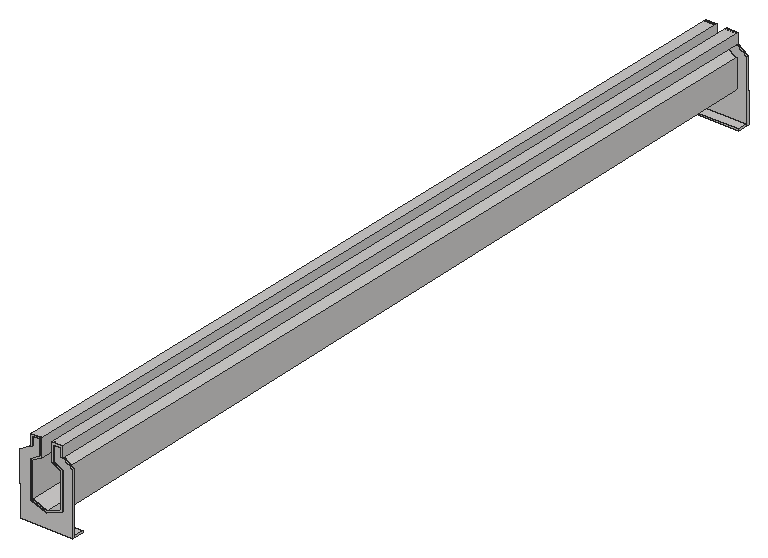
Revit family "Drain_Slot_2.25_Inch_Wide_Reveal-Zurn-Z891", category Plumbing Fixtures, Revit 2022
Family settings
  Round Connector Dimension = Use Radius
  Part Type = Normal
  OmniClass Number = 23.70.50.21.24.14
  OmniClass Title = Deck Waste Water Drains
  Work Plane-Based = No
  Always vertical = Yes
  Cut with Voids When Loaded = No
  Maintain Annotation Orientation = No
  Shared = No
  Room Calculation Point = No
Parameters (values of type "Load Family Catalog")
  Waste Connection = 1 = 1  # yes
  WFU = 0
  Vent Connection = 1 = 0  # no
  URL = "http://www.zurn.com/"
  Type Comments = "Z891-89101-60 x 2.25 x 4.63 with V Bottom"
  Thickness = 0.105"
  Shallow Invert = 4.000"
  Product data url = "https://www.bimobject.com/en/zurnindustries/product/z891"
  Product Page URL = "https://www.zurn.com/products/drainage-interceptors/stainless-drains/stainless-trench-drains/z891"
  Product Documentation Link = "https://files.zurn.com/spec-sheets/z891.pdf"
  Outlet Outer Radius = Outlet Outer Diameter / 2  # 1.1875"
  Outlet Size = 2.000"
  Outlet Outer Diameter = 2.375"
  Outet offset = (Outlet Size / 2) + 2.000"  # 3.000"
  Manufacturer Brand = "Zurn Water, LLC"  # constant formula
  Main Material = Steel - Zurn - Stainless - Type 304
  HWFU = 1  # constant formula
  End outlet = no
  Date Created = "07/14/2022"  # constant formula
  Connector Radius = Outlet Size / 2  # 1.000"
  CWFU = 1  # constant formula
  Modified Date = "08/26/2025"  # constant formula
  Model = "Z891-89101"
  Manufacturer = "Zurn"  # constant formula
  HW Connection = 1 = 0  # no
  Flow = 51 GPM
  Description = "2-1/4 [57] WIDE REVEAL BY 60 [1524] LONG STAINLESS STEEL SLOTTED CHANNEL"  # constant formula
  Default Elevation = 4.000"  # constant formula
  Deep Invert = 4.630"
  CW Connection = 1 = 0  # no
  Bottom Outlet = no
  Assembly Code = "D2030300"
  Approx. Weight (Lbs) = "2"
Reference planes (in)
  plane 1 "Center (Front/Back)": y = 18.92982
  plane 2: z = 0
  plane 3 "Center (Left/Right)": x = 0
  plane 4 "Deep plane": y = -11.07018
  plane 5 "Shallow plane": y = 48.92982
  plane 6: x = -1.125
  plane 7: x = 1.125
  plane 8: x = -0.375
  plane 9: x = 0.375
  plane 10: z = 0
  plane 11: z = -1.25
  plane 12: z = -4
  plane 13: z = -4.63
  plane 14: y = -10.07018
  plane 15: y = 48.03482
  plane 16 "BOTTOM OUTLET": y = -8.07018
  plane 17: y = -11.17518
  plane 18 "END OUTLET": y = -12.07018
  plane 19: y = -6.88268
  plane 20: y = -9.25768
  plane 21: z = -3.4425
  plane 22: z = -5.63
  plane 23: z = -1.625
  plane 24: z = -3.5
  plane 25: z = -3.895
  plane 26: z = -4.13
  plane 27: z = -4.525
  plane 28: y = -10.96518
  plane 29: y = 48.82482
  plane 30: x = -1.875
  plane 31: x = 1.875
  plane 32: y = 48.07482
  plane 33: y = -10.21518
  plane 34: z = -5.525
  plane 35: y = -11.17518
  plane 36: z = -5.63
  plane 37: z = -2.255
  plane 38: z = -4.63
  plane 39: z = -3.4425
Forms (in)
  Extrusion 1, solid, material "Steel - Zurn - Stainless - Type 304" <- "Main Material", visible <- "Bottom Outlet", detail levels fine
    sketch origin (0, 0, -12.082) x (-1, 0, 0) y (0, -1, 0)
      loop
        circle (0, 8.07018) r 1.1875
    from 6.452 to 8.082
  Extrusion 2, solid, material "Steel - Zurn - Stainless - Type 304" <- "Main Material", visible <- "End outlet", detail levels fine
    sketch origin (0, -11.07018, 0) x (0, 0, 1) y (-1, 0, 0)
      loop
        circle (-3.4425, 0) r 1.1875
    from 0.105 to 1
  Blend 3, solid, material "Steel - Zurn - Stainless - Type 304" <- "Main Material", detail levels fine
    base sketch origin (0, 48.92982, 0) x (0, 0, 1) y (-1, 0, 0)
      loop
        line (-0.75, 1.125) -> (-0.75, 1.02) -> (-0.105, 1.02) -> (-0.105, 0.48) -> (-1.19769, 0.48) -> (-1.57269, 1.125) -> (-3.56434, 1.125) -> (-4.00005, -0.00012) -> (-3.56443, -1.125) -> (-1.57269, -1.125) -> (-1.19769, -0.48) -> (-0.15836, -0.48) -> (-0.15836, -1.02) -> (-0.75, -1.02) -> (-0.75, -1.125) -> (0, -1.125) -> (0, -0.375) -> (-1.25, -0.375) -> (-1.625, -1.02) -> (-3.5, -1.02) -> (-3.895, 0) -> (-3.5, 1.02) -> (-1.625, 1.02) -> (-1.25, 0.375) -> (0, 0.375) -> (0, 1.125) -> (-0.75, 1.125)
    top sketch origin (0, -11.07018, 0) x (0, 0, 1) y (-1, 0, 0)
      loop
        line (-0.105, 1.02) -> (-0.105, 0.48) -> (-1.19769, 0.48) -> (-1.57269, 1.125) -> (-4.19444, 1.125) -> (-4.63, 0) -> (-4.19444, -1.125) -> (-1.57269, -1.125) -> (-1.19769, -0.48) -> (-0.15836, -0.48) -> (-0.15836, -1.02) -> (-0.75, -1.02) -> (-0.75, -1.125) -> (0, -1.125) -> (0, -0.375) -> (-1.25, -0.375) -> (-1.625, -1.02) -> (-4.13, -1.02) -> (-4.52491, 0) -> (-4.13, 1.02) -> (-1.625, 1.02) -> (-1.25, 0.375) -> (0, 0.375) -> (0, 1.125) -> (-0.75, 1.125) -> (-0.75, 1.02) -> (-0.105, 1.02)
    from 0 to 0
  Extrusion 4, solid, material "Steel - Zurn - Stainless - Type 304" <- "Main Material", detail levels fine
    sketch origin (0, -11.07018, 0) x (0, 0, 1) y (-1, 0, 0)
      loop
        line (-4.19444, 1.125) -> (-1.57269, 1.125) -> (-1.19769, 0.48) -> (0, 0.48) -> (0, 1.125) -> (-0.75, 1.125) -> (-1.25, 1.875) -> (-5.63, 1.875) -> (-5.63, -1.875) -> (-1.25, -1.875) -> (-0.75, -1.125) -> (0, -1.125) -> (0, -0.48) -> (-1.19769, -0.48) -> (-1.57269, -1.125) -> (-4.19444, -1.125) -> (-4.63, 0) -> (-4.19444, 1.125)
    from 0 to -0.105
  Extrusion 5, solid, material "Steel - Zurn - Stainless - Type 304" <- "Main Material", detail levels fine
    sketch origin (0, 58.92982, 0) x (-1, 0, 0) y (0, 0, 1)
      loop
        line (-0.375, -1.25) -> (-0.375, 0) -> (-1.125, 0) -> (-1.125, -0.75) -> (-1.875, -1.25) -> (-1.875, -5.63) -> (1.875, -5.63) -> (1.875, -1.25) -> (1.125, -0.75) -> (1.125, 0) -> (0.375, 0) -> (0.375, -1.25) -> (1.02, -1.625) -> (1.02, -3.5) -> (0, -3.895) -> (-1.02, -3.5) -> (-1.02, -1.625) -> (-0.375, -1.25)
    from -10.105 to -10
  Extrusion 6, solid, material "Steel - Zurn - Stainless - Type 304" <- "Main Material", detail levels fine
    sketch origin (0, 0, 0) x (1, 0, 0) y (0, 1, 0)
      loop
        line (-1.875, 48.82482) -> (-1.875, 48.07482) -> (1.875, 48.07482) -> (1.875, 48.82482) -> (-1.875, 48.82482)
    from -5.63 to -5.525
  Extrusion 7, solid, material "Steel - Zurn - Stainless - Type 304" <- "Main Material", detail levels fine
    sketch origin (0, 0, 0) x (1, 0, 0) y (0, 1, 0)
      loop
        line (-1.875, -10.21518) -> (-1.875, -10.96518) -> (1.875, -10.96518) -> (1.875, -10.21518) -> (-1.875, -10.21518)
    from -5.63 to -5.525
  Extrusion 8, solid, material "Steel - Zurn - Stainless - Type 304" <- "Main Material", visible <- "End outlet", detail levels fine
    sketch origin (0, 48.92982, 0) x (0, 0, 1) y (-1, 0, 0)
      loop
        line (0, 1.125) -> (-0.75, 1.125) -> (-1.25, 1.875) -> (-5.63, 1.875) -> (-5.63, -1.875) -> (-1.25, -1.875) -> (-0.75, -1.125) -> (0, -1.125) -> (0, 1.125)
    from 60 to 60.105
Lines and regions (in)
  Masking region 1, visible <- "End outlet", detail levels fine
    outline origin (0, 0, 0) x (1, 0, 0) y (0, 1, 0)
      loop
        line (-1.1875, -11.07018) -> (-1.1875, -12.07018) -> (1.1875, -12.07018) -> (1.1875, -11.07018) -> (-1.1875, -11.07018)
  Masking region 2, visible <- "End outlet", detail levels fine
    outline origin (0, 0, 0) x (1, 0, 0) y (0, 1, 0)
      loop
        line (-1.875, -11.07018) -> (-1.875, -11.17518) -> (1.875, -11.17518) -> (1.875, -11.07018) -> (-1.875, -11.07018)
  Masking region 3, detail levels fine
    outline origin (0, 0, 0) x (1, 0, 0) y (0, 1, 0)
      loop
        line (-1.875, 48.92982) -> (-1.875, -11.07018) -> (1.875, -11.07018) -> (1.875, 48.92982) -> (-1.875, 48.92982)
  model lines, detail levels coarse+medium
    curve 1: line (0, 48.92982, 0) -> (0, 48.92982, -4.0011)
    curve 2: line (0, 48.92982, -4.0011) -> (0, -11.07018, -4.63)
    curve 3: line (0, -11.07018, 0) -> (0, -11.07018, -4.63)
    curve 4: line (-1.125, 48.92982, 0) -> (1.125, 48.92982, 0)
    curve 5: line (-1.125, -11.07018, 0) -> (-1.125, 48.92982, 0)
    curve 6: line (1.125, -11.07018, 0) -> (-1.125, -11.07018, 0)
    curve 7: line (1.125, 48.92982, 0) -> (1.125, -11.07018, 0)
    curve 15: line (-0.375, 48.92982, 0) -> (-0.375, -11.07018, 0)
    curve 16: line (0.375, 48.92982, 0) -> (0.375, -11.07018, 0)
    curve 31: line (-0.375, 48.92982, 0) -> (-0.375, -11.07018, 0)
    curve 32: line (0.375, 48.92982, 0) -> (0.375, -11.07018, 0)
  model lines, visible <- "Bottom Outlet", detail levels coarse+medium
    curve 8: line (0, -6.88268, -5.63) -> (0, -9.25768, -5.63)
    curve 18: line (-1.1875, -8.07018, -5.63) -> (1.1875, -8.07018, -5.63)
    curve 36: line (0, -8.07018, -5.63) -> (0, -8.07018, -4.63)
  model lines, visible <- "End outlet", detail levels coarse+medium
    curve 9: line (0, -11.07018, -3.4425) -> (0, -12.07018, -3.4425)
    curve 17: line (-1.1875, -12.07018, -3.4425) -> (1.1875, -12.07018, -3.4425)
    curve 34: line (0, -12.07018, -2.255) -> (0, -12.07018, -4.63)
  symbolic lines, detail levels coarse+medium
    curve 10: line (-1.125, 48.92982, 0) -> (1.125, 48.92982, 0)
    curve 11: line (-1.125, -11.07018, 0) -> (-1.125, 48.92982, 0)
    curve 12: line (1.125, -11.07018, 0) -> (-1.125, -11.07018, 0)
    curve 13: line (1.125, 48.92982, 0) -> (1.125, -11.07018, 0)
    curve 19: line (-1.125, -8.07018, 0) -> (1.125, -8.07018, 0)
    curve 20: line (0, -8.07018, 0) -> (0, -8.07018, -3.4425)
    curve 24: line (0, 48.92982, 0) -> (0, -11.07018, 0)
    curve 25: line (0, 48.92982, 0) -> (0, 48.92982, -4.0011)
    curve 26: line (0, -11.07018, 0) -> (0, -11.07018, -4.63)
    curve 27: line (0, 48.92982, -4.0011) -> (0, -11.07018, -4.63)
  symbolic lines, visible <- "End outlet", detail levels coarse+medium
    curve 14: line (1.125, -12.07018, 0) -> (-1.125, -12.07018, 0)
    curve 21: line (-1.1875, -8.07018, -3.4425) -> (1.1875, -8.07018, -3.4425)
    curve 30: line (0, -11.07018, -3.4425) -> (0, -12.07018, -3.4425)
    curve 33: line (0, -11.07018, 0) -> (0, -12.07018, 0)
    curve 35: line (0, -12.07018, -2.255) -> (0, -12.07018, -4.63)
  symbolic lines, visible <- "Bottom Outlet", detail levels coarse+medium
    curve 22: line (0, -8.07018, 0) -> (0, -8.07018, -5.63)
    curve 23: line (-1.1875, -8.07018, -5.63) -> (1.1875, -8.07018, -5.63)
    curve 28: line (0, -8.07018, -5.697) -> (0, -8.07018, -5.63)
    curve 29: line (0, -6.88268, -5.63) -> (0, -9.25768, -5.63)
    curve 37: line (0, -8.07018, -5.63) -> (0, -8.07018, -4.63)
Dimensions and locks (in)
  equal spacing: plane 7, plane 3 "Center (Left/Right)", plane 6, locked at 1.125 each
  equal spacing: plane 9, plane 3 "Center (Left/Right)", plane 8, locked at 0.375 each
  locked: level to plane 10
  locked: plane 10 to plane 11 at 1.25
  "Shallow Invert": plane 10 to plane 12
  "Deep Invert": plane 10 to plane 13
  "Outet offset": plane 16 "BOTTOM OUTLET" to plane 4 "Deep plane"
  "Thickness": plane 4 "Deep plane" to plane 17
  "Outlet Outer Radius": Extrusion 2 sketch curve to plane 13
  locked: plane 4 "Deep plane" to plane 18 "END OUTLET" at 1
  locked: curve 2 to plane 4 "Deep plane"
  locked: plane 13 to curve 2
  locked: plane 5 "Shallow plane" to curve 2
  curve 2 to plane 12 = 0.0011"
  "Outlet Outer Diameter": plane 19 to plane 20
  "Outlet Outer Radius": plane 16 "BOTTOM OUTLET" to plane 20
  plane 22 to plane 21 = 2.1875"
  "Outlet Outer Radius": plane 13 to plane 21
  "Outlet Outer Radius": Masking region 1 sketch curve to plane 3 "Center (Left/Right)" to Masking region 1 sketch curve
  equal spacing: plane 6, curve 15, curve 16, plane 7
  "Outlet Outer Radius": curve 17 to plane 3 "Center (Left/Right)" to curve 17
  "Outlet Outer Radius": curve 18 to plane 3 "Center (Left/Right)" to curve 18
  "Outlet Outer Radius": curve 21 to plane 3 "Center (Left/Right)" to curve 21
  "Outlet Outer Radius": curve 23 to plane 3 "Center (Left/Right)" to curve 23
  curve 27 to plane 4 "Deep plane" = 0.000"
  plane 13 to curve 27 = 0.000"
  locked: curve 27 to plane 12 at 0.0011
  plane 1 "Center (Front/Back)" to plane 5 "Shallow plane" = 30.000"
  locked: plane 9 to plane 8 at 0.75
  locked: plane 7 to plane 6 at 2.25
  locked: level to plane 23 at 1.625
  Blend 3 sketch curve to Blend 3 sketch curve = 0.105"
  Blend 3 sketch curve to plane 9 = 0.105"
  Blend 3 sketch curve to plane 6 = 0.105"  (x2)
  locked: plane 24 to plane 12 at 0.5
  "Thickness": plane 25 to plane 12
  plane 7 to Blend 3 sketch curve = 0.105"
  Blend 3 sketch curve to Blend 3 sketch curve = 0.09791"
  locked: Blend 3 sketch curve to Blend 3 sketch curve at 0.098  (x4)
  Blend 3 sketch curve to Blend 3 sketch curve = 0.098"
  locked: level to Blend 3 sketch curve at 0.75
  locked: plane 5 "Shallow plane" to plane 1 "Center (Front/Back)" at 30
  locked: plane 1 "Center (Front/Back)" to plane 4 "Deep plane" at 30
  "Thickness": plane 28 to plane 4 "Deep plane"
  "Thickness": plane 5 "Shallow plane" to plane 29
  locked: plane 26 to plane 27 at 0.395
  "Thickness": plane 27 to plane 13
  plane 13 to plane 22 = 1.000"
  equal spacing: plane 31, plane 3 "Center (Left/Right)", plane 30, locked at 1.875 each
  locked: plane 31 to plane 30 at 3.75
  locked: plane 29 to plane 32 at 0.75
  locked: plane 33 to plane 28 at 0.75
  "Thickness": plane 34 to plane 22
  "Thickness": plane 4 "Deep plane" to plane 35
  "Thickness": plane 36 to plane 34
  "Outlet Outer Radius": plane 37 to plane 39 to plane 38
  "Deep Invert": level to plane 38
  locked: plane 36 to plane 38 at 1
  "Outlet Outer Diameter": diameter of Extrusion 1 sketch curve
  "Outlet Outer Diameter": diameter of Extrusion 2 sketch curve
  locked: Blend 3 sketch curve to plane 27 (angle 21.1648°)
  locked: plane 27 to Blend 3 sketch curve (angle 21.1648°)
  locked: Blend 3 sketch curve to plane 25 (angle 21.1691°)
  locked: plane 25 to Blend 3 sketch curve (angle 21.1691°)
  aligned and locked: plane 16 "BOTTOM OUTLET" to Extrusion 1 sketch curve
  aligned and locked: plane 3 "Center (Left/Right)" to Extrusion 1 sketch curve
  aligned and locked: plane 3 "Center (Left/Right)" to Extrusion 2 sketch curve
  aligned and locked: Extrusion 2 to plane 18 "END OUTLET"
  aligned and locked: curve 6 to plane 4 "Deep plane"
  aligned and locked: plane 19 to curve 8
  aligned and locked: plane 20 to curve 8
  aligned and locked: curve 9 to plane 21
  aligned and locked: curve 9 to plane 18 "END OUTLET"
  aligned and locked: plane 4 "Deep plane" to Masking region 1 sketch curve
  aligned and locked: Masking region 1 sketch curve to Extrusion 2
  aligned and locked: plane 6 to curve 11
  aligned and locked: curve 13 to plane 7
  aligned and locked: curve 14 to Extrusion 2
  aligned and locked: plane 4 "Deep plane" to curve 15
  aligned and locked: plane 5 "Shallow plane" to curve 15
  aligned and locked: plane 21 to curve 17
  aligned and locked: plane 6 to curve 19
  aligned and locked: plane 7 to curve 19
  aligned and locked: curve 19 to level
  aligned and locked: plane 21 to curve 20
  aligned and locked: level to curve 20
  aligned and locked: curve 20 to plane 3 "Center (Left/Right)"
  aligned and locked: plane 21 to curve 21
  aligned and locked: curve 22 to plane 3 "Center (Left/Right)"
  aligned and locked: curve 24 to plane 2
  aligned and locked: curve 25 to plane 5 "Shallow plane"
  aligned and locked: level to curve 26
  aligned and locked: curve 26 to plane 4 "Deep plane"
  aligned and locked: plane 19 to curve 29
  aligned and locked: plane 20 to curve 29
  aligned and locked: plane 16 "BOTTOM OUTLET" to curve 28
  aligned and locked: curve 30 to plane 21
  aligned and locked: curve 31 to plane 8
  aligned and locked: curve 32 to plane 9
  aligned and locked: Blend 3 sketch curve to plane 7  (x2)
  aligned and locked: plane 9 to Blend 3 sketch curve
  aligned and locked: Blend 3 sketch curve to level
  aligned and locked: plane 6 to Blend 3 sketch curve
  aligned and locked: Blend 3 sketch curve to plane 8  (x2)
  aligned and locked: plane 23 to Blend 3 sketch curve  (x2)
  aligned and locked: plane 11 to Blend 3 sketch curve  (x2)
  aligned and locked: plane 24 to Blend 3 sketch curve  (x2)
  aligned and locked: plane 3 "Center (Left/Right)" to Blend 3 sketch curve
  aligned and locked: Blend 3 sketch curve to plane 6
  aligned and locked: plane 7 to Blend 3 sketch curve  (x2)
  aligned and locked: Blend 3 sketch curve to Blend 3 sketch curve
  aligned and locked: Blend 3 sketch curve to var sketch  (x14)
  aligned and locked: Blend 3 sketch curve to plane 9
  aligned and locked: var sketch to Blend 3 sketch curve
  aligned and locked: Blend 3 to plane 5 "Shallow plane"
  aligned and locked: plane 4 "Deep plane" to Blend 3
  aligned and locked: Extrusion 4 to plane 28
  aligned and locked: plane 4 "Deep plane" to Extrusion 4
  aligned and locked: plane 26 to Blend 3 sketch curve
  aligned and locked: plane 13 to Blend 3 sketch curve
  aligned and locked: Extrusion 4 sketch curve to Blend 3  (x11)
  aligned and locked: Blend 3 to Extrusion 4 sketch curve
  aligned and locked: Extrusion 4 sketch curve to plane 30
  aligned and locked: plane 22 to Extrusion 4 sketch curve
  aligned and locked: plane 31 to Extrusion 4 sketch curve
  aligned and locked: plane 11 to Extrusion 4 sketch curve  (x2)
  aligned and locked: plane 6 to Extrusion 4 sketch curve
  aligned and locked: Extrusion 5 sketch curve to Blend 3  (x11)
  aligned and locked: Extrusion 5 sketch curve to Extrusion 4  (x5)
  aligned and locked: Blend 3 to Extrusion 5 sketch curve
  aligned and locked: Extrusion 5 to plane 5 "Shallow plane"
  aligned and locked: plane 29 to Extrusion 5
  aligned and locked: plane 29 to Extrusion 6 sketch curve
  aligned and locked: plane 30 to Extrusion 6 sketch curve
  aligned and locked: plane 32 to Extrusion 6 sketch curve
  aligned and locked: Extrusion 6 sketch curve to plane 31
  aligned and locked: plane 22 to Extrusion 6
  aligned and locked: plane 34 to Extrusion 6
  aligned and locked: Extrusion 7 sketch curve to plane 33
  aligned and locked: plane 30 to Extrusion 7 sketch curve
  aligned and locked: Extrusion 7 sketch curve to plane 28
  aligned and locked: Extrusion 7 sketch curve to plane 31
  aligned and locked: plane 22 to Extrusion 7
  aligned and locked: Extrusion 7 to Extrusion 6
  aligned and locked: Extrusion 1 to plane 12
  aligned and locked: plane 22 to Extrusion 1
  aligned and locked: Extrusion 2 to plane 17
  aligned and locked: Extrusion 8 sketch curve to curve 19
  aligned and locked: Extrusion 8 sketch curve to Extrusion 4  (x7)
  aligned and locked: Extrusion 8 to plane 17
  aligned and locked: Extrusion 8 to plane 4 "Deep plane"
  aligned and locked: plane 22 to curve 22
  aligned and locked: plane 22 to curve 23
  aligned and locked: Extrusion 2 to curve 33
  aligned and locked: curve 33 to plane 3 "Center (Left/Right)"
  aligned and locked: plane 6 to curve 14
  aligned and locked: plane 7 to curve 14
  aligned and locked: curve 34 to plane 37
  aligned and locked: plane 38 to curve 34
  aligned and locked: curve 34 to plane 18 "END OUTLET"
  aligned and locked: curve 35 to plane 37
  aligned and locked: plane 38 to curve 35
  aligned and locked: curve 35 to plane 18 "END OUTLET"
  aligned and locked: plane 30 to Masking region 2 sketch curve
  aligned and locked: Masking region 2 sketch curve to plane 31
  aligned and locked: plane 4 "Deep plane" to Masking region 2 sketch curve
  aligned and locked: Masking region 2 sketch curve to plane 35
  aligned and locked: plane 5 "Shallow plane" to Masking region 3 sketch curve
  aligned and locked: plane 30 to Masking region 3 sketch curve
  aligned and locked: Masking region 3 sketch curve to plane 31
  aligned and locked: Masking region 3 sketch curve to plane 4 "Deep plane"
  aligned and locked: plane 38 to curve 36
  aligned and locked: curve 36 to plane 16 "BOTTOM OUTLET"
  aligned and locked: plane 36 to curve 37
  aligned and locked: plane 38 to curve 37
  aligned and locked: curve 37 to plane 16 "BOTTOM OUTLET"
Automatic sketch dimensions
  Blend 3 sketch curve to level = 0.000"  (x3)
  Blend 3 sketch curve to level = 0.15836"
  Blend 3 sketch curve to level = 0.105"
  Blend 3 sketch curve to plane 7 = 0.105"
  Blend 3 sketch curve to plane 6 = 0.000"  (x2)
  Blend 3 sketch curve to plane 7 = 0.000"
  plane 11 to Extrusion 4 sketch curve = 0.500"  (x2)
  curve 33 to plane 18 "END OUTLET" = 0.000"
  plane 22 to curve 29 = 0.000"
  plane 22 to curve 28 = 0.067"
Connectors (in)
  piping at (0, -12.07018, -3.4425), diameter 2, driven by "Connector Radius", driven by "Waste Connection"
    settings: on Extrusion 2, index 1, connector inside diameter 24", connector length 0.000", flow factor 0, pipe flow 0 GPM, pressure drop 0.00 psi, fitting loss kfactor 0, connector angle 0.00°, fixture units 0, engagement length 0.000", angle of deflection 0.00°, flow configuration 0, flow direction 2, fitting loss method 0, system type 16, joint type 0, gender type 0, connector reference index -1, connector utility 1, adjustable connector no, is connector primary yes, connector description "Sanitary Outlet"
  piping at (0, -8.07018, -5.63), diameter 2, driven by "Connector Radius", driven by "Waste Connection"
    settings: on Extrusion 1, index 2, connector inside diameter 24", connector length 0.000", flow factor 0, pipe flow 0 GPM, pressure drop 0.00 psi, fitting loss kfactor 0, connector angle 0.00°, fixture units 0, engagement length 0.000", angle of deflection 0.00°, flow configuration 0, flow direction 2, fitting loss method 0, system type 16, joint type 0, gender type 0, connector reference index -1, connector utility 1, adjustable connector no, is connector primary no, connector description "Sanitary Outlet"
Types in the file's own list only (40): name | Type Comments | Thickness | Shallow Invert | Outlet Outer Radius | Outlet Size | Outlet Outer Diameter | Outet offset | End outlet | Connector Radius | Model | Flow | Default Elevation | Deep Invert | Bottom Outlet
  Z891-Z89101 | "Z891-89101-60 x 2.25 x 4.63 with V Bottom" | 0.105 " | 4.000 " | 1.188 " | 2.000 " | 2.375 " | 3.000 " | No | 1.000 " | "Z891-Z89101" | 51 GPM | 4.000 " | 4.630 " | No
  Z891-Z89101 W/-E2 | "Z891-89101-60 x 2.25 x 4.63 with V Bottom with 2 Inch No-Hub End outlet" | 0.105 " | 4.000 " | 1.188 " | 2.000 " | 2.375 " | 3.000 " | Yes | 1.000 " | "Z891-Z89101 W/-E2" | 0 GPM | 4.000 " | 4.630 " | No
  Z891-Z89101 W/-U2 | "Z891-89101-60 x 2.25 x 4.63 with V Bottom with 2 Inch No-Hub Bottom outlet" | 0.105 " | 4.000 " | 1.188 " | 2.000 " | 2.375 " | 3.000 " | No | 1.000 " | "Z891-Z89101 W/-U2" | 0 GPM | 4.000 " | 4.630 " | Yes
  Z891-Z89101N | "Z891-89101N-60 x 2.25 x 5.25 with V Bottom" | 0.105 " | 4.630 " | 1.188 " | 2.000 " | 2.375 " | 3.000 " | No | 1.000 " | "Z891-Z89101N" | 0 GPM | 4.000 " | 4.630 " | No
  Z891-Z89102 | "Z891-89102-60 x 2.25 x 5.25 with V Bottom" | 0.105 " | 4.630 " | 1.188 " | 2.000 " | 2.375 " | 3.000 " | No | 1.000 " | "Z891-Z89102" | 67 GPM | 4.000 " | 5.250 " | No
  Z891-Z89102 W/-E2 | "Z891-89102-60 x 2.25 x 5.25 with V Bottom with 2 Inch No-Hub End outlet" | 0.105 " | 4.630 " | 1.188 " | 2.000 " | 2.375 " | 3.000 " | Yes | 1.000 " | "Z891-Z89102 W/-E2" | 0 GPM | 4.000 " | 5.250 " | No
  Z891-Z89102 W/-U2 | "Z891-89102-60 x 2.25 x 5.25 with V Bottom with 2 Inch No-Hub Bottom outlet" | 0.105 " | 4.630 " | 1.188 " | 2.000 " | 2.375 " | 3.000 " | No | 1.000 " | "Z891-Z89102 W/-U2" | 0 GPM | 4.000 " | 5.250 " | Yes
  Z891-Z89102N | "Z891-89102N-60 x 2.25 x 5.25 with V Bottom" | 0.105 " | 5.250 " | 1.188 " | 2.000 " | 2.375 " | 3.000 " | No | 1.000 " | "Z891-Z89102N" | 0 GPM | 4.000 " | 5.250 " | No
  Z891-Z89103 | "Z891-89103-60 x 2.25 x 5.88 with V Bottom" | 0.105 " | 5.250 " | 1.188 " | 2.000 " | 2.375 " | 3.000 " | No | 1.000 " | "Z891-Z89103" | 84 GPM | 4.000 " | 5.880 " | No
  Z891-Z89103 W/-E2 | "Z891-89103-60 x 2.25 x 5.88 with V Bottom with 2 Inch No-Hub End outlet" | 0.105 " | 5.250 " | 1.188 " | 2.000 " | 2.375 " | 3.000 " | Yes | 1.000 " | "Z891-Z89103 W/-E2" | 0 GPM | 4.000 " | 5.880 " | No
  Z891-Z89103 W/-U2 | "Z891-89103-60 x 2.25 x 5.88 with V Bottom with 2 Inch No-Hub Bottom outlet" | 0.105 " | 5.250 " | 1.188 " | 2.000 " | 2.375 " | 3.000 " | No | 1.000 " | "Z891-Z89103 W/-U2" | 0 GPM | 4.000 " | 5.880 " | Yes
  Z891-Z89103N | "Z891-89103N-60 x 2.25 x 5.88 with V Bottom" | 0.105 " | 5.880 " | 1.188 " | 2.000 " | 2.375 " | 3.000 " | No | 1.000 " | "Z891-Z89103N" | 0 GPM | 4.000 " | 5.880 " | No
  Z891-Z89104 | "Z891-89104-60 x 2.25 x 6.50 with V Bottom" | 0.105 " | 5.880 " | 1.188 " | 2.000 " | 2.375 " | 3.000 " | No | 1.000 " | "Z891-Z89104" | 100 GPM | 4.000 " | 6.500 " | No
  Z891-Z89104 W/-E2 | "Z891-89104-60 x 2.25 x 6.50 with V Bottom with 2 Inch No-Hub End outlet" | 0.105 " | 5.880 " | 1.188 " | 2.000 " | 2.375 " | 3.000 " | Yes | 1.000 " | "Z891-Z89104 W/-E2" | 0 GPM | 4.000 " | 6.500 " | No
  Z891-Z89104 W/-U2 | "Z891-89104-60 x 2.25 x 6.50 with V Bottom with 2 Inch No-Hub Bottom outlet" | 0.105 " | 5.880 " | 1.188 " | 2.000 " | 2.375 " | 3.000 " | No | 1.000 " | "Z891-Z89104 W/-U2" | 0 GPM | 4.000 " | 6.500 " | Yes
  Z891-Z89104N | "Z891-89104N-60 x 2.25 x 6.50 with V Bottom" | 0.105 " | 6.500 " | 1.188 " | 2.000 " | 2.375 " | 3.000 " | No | 1.000 " | "Z891-Z89104N" | 0 GPM | 4.000 " | 6.500 " | No
  Z891-Z89105 | "Z891-89105-60 x 2.25 x 7.13 with V Bottom" | 0.105 " | 6.500 " | 1.188 " | 2.000 " | 2.375 " | 3.000 " | No | 1.000 " | "Z891-Z89105" | 117 GPM | 4.000 " | 7.130 " | No
  Z891-Z89105 W/-E2 | "Z891-89105-60 x 2.25 x 7.13 with V Bottom with 2 Inch No-Hub End outlet" | 0.105 " | 6.500 " | 1.188 " | 2.000 " | 2.375 " | 3.000 " | Yes | 1.000 " | "Z891-Z89105 W/-E2" | 0 GPM | 4.000 " | 7.130 " | No
  Z891-Z89105 W/-U2 | "Z891-89105-60 x 2.25 x 7.13 with V Bottom with 2 Inch No-Hub Bottom outlet" | 0.105 " | 6.500 " | 1.188 " | 2.000 " | 2.375 " | 3.000 " | No | 1.000 " | "Z891-Z89105 W/-U2" | 0 GPM | 4.000 " | 7.130 " | Yes
  Z891-Z89105N | "Z891-89105N-60 x 2.25 x 7.13 with V Bottom" | 0.105 " | 7.130 " | 1.188 " | 2.000 " | 2.375 " | 3.000 " | No | 1.000 " | "Z891-Z89105N" | 0 GPM | 4.000 " | 7.130 " | No
  Z891-Z89106 | "Z891-89106-60 x 2.25 x 7.75 with V Bottom" | 0.105 " | 7.130 " | 1.188 " | 2.000 " | 2.375 " | 3.000 " | No | 1.000 " | "Z891-Z89106" | 135 GPM | 4.000 " | 7.750 " | No
  Z891-Z89106 W/-E2 | "Z891-89106-60 x 2.25 x 7.75 with V Bottom with 2 Inch No-Hub End outlet" | 0.105 " | 7.130 " | 1.188 " | 2.000 " | 2.375 " | 3.000 " | Yes | 1.000 " | "Z891-Z89106 W/-E2" | 0 GPM | 4.000 " | 7.750 " | No
  Z891-Z89106 W/-U2 | "Z891-89106-60 x 2.25 x 7.75 with V Bottom with 2 Inch No-Hub Bottom outlet" | 0.105 " | 7.130 " | 1.188 " | 2.000 " | 2.375 " | 3.000 " | No | 1.000 " | "Z891-Z89106 W/-U2" | 0 GPM | 4.000 " | 7.750 " | Yes
  Z891-Z89106N | "Z891-89106N-60 x 2.25 x 7.75 with V Bottom" | 0.105 " | 7.750 " | 1.188 " | 2.000 " | 2.375 " | 3.000 " | No | 1.000 " | "Z891-Z89106N" | 0 GPM | 4.000 " | 7.750 " | No
  Z891-Z89107 | "Z891-89107-60 x 2.25 x 8.38 with V Bottom" | 0.105 " | 7.750 " | 1.188 " | 2.000 " | 2.375 " | 3.000 " | No | 1.000 " | "Z891-Z89107" | 150 GPM | 4.000 " | 8.380 " | No
  Z891-Z89107 W/-E2 | "Z891-89107-60 x 2.25 x 8.38 with V Bottom with 2 Inch No-Hub End outlet" | 0.105 " | 7.750 " | 1.188 " | 2.000 " | 2.375 " | 3.000 " | Yes | 1.000 " | "Z891-Z89107 W/-E2" | 0 GPM | 4.000 " | 8.380 " | No
  Z891-Z89107 W/-U2 | "Z891-89107-60 x 2.25 x 8.38 with V Bottom with 2 Inch No-Hub Bottom outlet" | 0.105 " | 7.750 " | 1.188 " | 2.000 " | 2.375 " | 3.000 " | No | 1.000 " | "Z891-Z89107 W/-U2" | 0 GPM | 4.000 " | 8.380 " | Yes
  Z891-Z89107N | "Z891-89107N-60 x 2.25 x 8.38 with V Bottom" | 0.105 " | 8.380 " | 1.188 " | 2.000 " | 2.375 " | 3.000 " | No | 1.000 " | "Z891-Z89107N" | 0 GPM | 4.000 " | 8.380 " | No
  Z891-Z89108 | "Z891-89108-60 x 2.25 x 9.00 with V Bottom" | 0.105 " | 8.380 " | 1.188 " | 2.000 " | 2.375 " | 3.000 " | No | 1.000 " | "Z891-Z89108" | 167 GPM | 4.000 " | 9.000 " | No
  Z891-Z89108 W/-E2 | "Z891-89108-60 x 2.25 x 9.00 with V Bottom with 2 Inch No-Hub End outlet" | 0.105 " | 8.380 " | 1.188 " | 2.000 " | 2.375 " | 3.000 " | Yes | 1.000 " | "Z891-Z89108 W/-E2" | 0 GPM | 4.000 " | 9.000 " | No
  Z891-Z89108 W/-U2 | "Z891-89108-60 x 2.25 x 9.00 with V Bottom with 2 Inch No-Hub Bottom outlet" | 0.105 " | 8.380 " | 1.188 " | 2.000 " | 2.375 " | 3.000 " | No | 1.000 " | "Z891-Z89108 W/-U2" | 0 GPM | 4.000 " | 9.000 " | Yes
  Z891-Z89108N | "Z891-89108N-60 x 2.25 x 9.00 with V Bottom" | 0.105 " | 9.000 " | 1.188 " | 2.000 " | 2.375 " | 3.000 " | No | 1.000 " | "Z891-Z89108N" | 0 GPM | 4.000 " | 9.000 " | No
  Z891-Z89109 | "Z891-89109-60 x 2.25 x 9.63 with V Bottom" | 0.105 " | 9.000 " | 1.188 " | 2.000 " | 2.375 " | 3.000 " | No | 1.000 " | "Z891-Z89109" | 184 GPM | 4.000 " | 9.630 " | No
  Z891-Z89109 W/-E2 | "Z891-89109-60 x 2.25 x 9.63 with V Bottom with 2 Inch No-Hub End outlet" | 0.105 " | 9.000 " | 1.188 " | 2.000 " | 2.375 " | 3.000 " | Yes | 1.000 " | "Z891-Z89109 W/-E2" | 0 GPM | 4.000 " | 9.630 " | No
  Z891-Z89109 W/-U2 | "Z891-89109-60 x 2.25 x 9.63 with V Bottom with 2 Inch No-Hub Bottom outlet" | 0.105 " | 9.000 " | 1.188 " | 2.000 " | 2.375 " | 3.000 " | No | 1.000 " | "Z891-Z89109 W/-U2" | 0 GPM | 4.000 " | 9.630 " | Yes
  Z891-Z89109N | "Z891-89109N-60 x 2.25 x 9.63 with V Bottom" | 0.105 " | 9.630 " | 1.188 " | 2.000 " | 2.375 " | 3.000 " | No | 1.000 " | "Z891-Z89109N" | 0 GPM | 4.000 " | 9.630 " | No
  Z891-Z89110 | "Z891-89110-60 x 2.25 x 10.25 with V Bottom" | 0.105 " | 9.630 " | 1.188 " | 2.000 " | 2.375 " | 3.000 " | No | 1.000 " | "Z891-Z89110" | 201 GPM | 4.000 " | 10.250 " | No
  Z891-Z89110 W/-E2 | "Z891-89110-60 x 2.25 x 10.25 with V Bottom with 2 Inch No-Hub End outlet" | 0.105 " | 9.630 " | 1.188 " | 2.000 " | 2.375 " | 3.000 " | Yes | 1.000 " | "Z891-Z89110 W/-E2" | 0 GPM | 4.000 " | 10.250 " | No
  Z891-Z89110 W/-U2 | "Z891-89110-60 x 2.25 x 10.25 with V Bottom with 2 Inch No-Hub Bottom outlet" | 0.105 " | 9.630 " | 1.188 " | 2.000 " | 2.375 " | 3.000 " | No | 1.000 " | "Z891-Z89110 W/-U2" | 0 GPM | 4.000 " | 10.250 " | Yes
  Z891-Z89110N | "Z891-89110N-60 x 2.25 x 10.25 with V Bottom" | 0.105 " | 10.250 " | 1.188 " | 2.000 " | 2.375 " | 3.000 " | No | 1.000 " | "Z891-Z89110N" | 0 GPM | 4.000 " | 10.250 " | No
